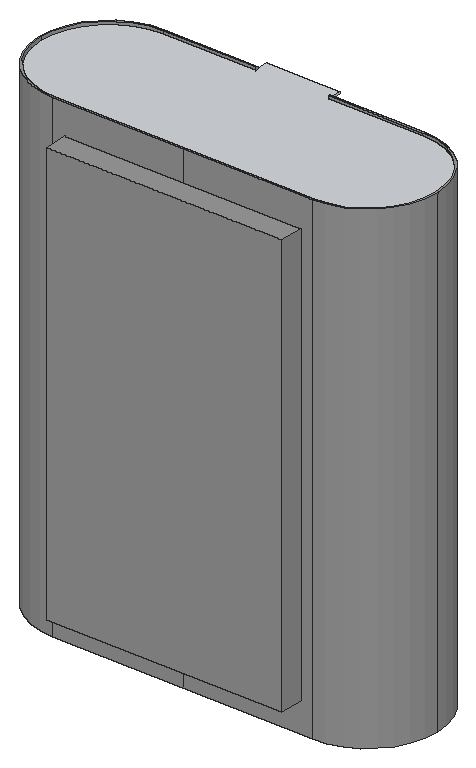
Revit family "3300 Björk_Sanitary bin", category Furniture Systems, host Wall, Revit 2017
Family settings
  Host = Wall
  Round Connector Dimension = Use Diameter
  Part Type = Normal
  Always vertical = Yes
  Cut with Voids When Loaded = No
  Shared = No
  Room Calculation Point = No
Parameters (values of type "WHITE")
  Surface Top = WHITE
  Surface Frame = WHITE
  Surface Bottom = WHITE
  Open = no
  Offset from floor = 150 mm
  Closed = yes
Reference planes
  plane 1 "Wall": y = 0
  plane 2 "Center (Left/Right)": x = 125
  plane 3 "Back": y = 75
Text (mm)
  text "Placement Side" at (-1848.837, 1116.779, 0), in view "Ref. Level"
  text "Placement side" at (0, 1409.804, 2854.306), in view "Left"
  text "Placement side" at (0, 499.811, 2980.732), in view "Right"
Dimensions and locks
  locked: plane 3 "Back" to host wall
  "Offset from floor": nested 1 to level
  aligned and locked: plane 1 "Wall" to host wall
  aligned and locked: plane 3 "Back" to nested 1
Nested families
  nested 1: "Master Björk Sanitary bin" at (125, 151.5, 150) x (-1, 0, 0) z (0, 0, 1), type "Master Björk Sanitary bin"
    with Open no
Definition of nested family "Master Björk Sanitary bin"
  Parameters (values of type "Master Björk Sanitary bin")
    Surface Top = none
    Surface Frame = none
    Surface Bottom = none
    Open = yes
    Closed = yes
  Reference planes
    plane 1 "Center (Front/Back)": y = 0
    plane 2: z = 0
    plane 3 "Center (Left/Right)": x = 0
  Dimensions and locks
    aligned and locked: level to plane 2
  Nested families
    nested 1: "Top - Bottom" at (0, 0, 0), visible <- "Closed", type "Top - Bottom"
    nested 2: "Frame" at (0, 0, 0), type "Frame"
    nested 3: "Top - Bottom Open" at (0, 0, 0), visible <- "Open", type "Top - Bottom Open"
  Definition of nested family "Top - Bottom"
    Parameters (values of type "Top - Bottom")
      Surface Frame = none
      Surface Bottom = none
    Reference planes
      plane 1 "Center (Front/Back)": y = 0
      plane 2: z = 0
      plane 3 "Center (Left/Right)": x = 0
    Forms (mm)
      Extrusion 1, solid, material <- "Surface Bottom"
        sketch origin (0, 129.723, 20) x (0, -1, 0) y (1, 0, 0)
          loop
            arc (73.723, -107.5) -> (90.125, -147.098) -> (129.723, -163.5) r 56
            arc (129.723, -163.5) -> (169.321, -147.098) -> (185.723, -107.5) r 56
            line (185.723, -107.5) -> (185.723, 107.5)
            arc (185.723, 107.5) -> (169.321, 147.098) -> (129.723, 163.5) r 56
            arc (129.723, 163.5) -> (90.125, 147.098) -> (73.723, 107.5) r 56
            line (73.723, 107.5) -> (73.723, -107.5)
        from 0 to 1.5
      Extrusion 2, solid
        sketch origin (0, 129.723, 396.5) x (0, -1, 0) y (1, 0, 0)
          loop
            arc (73.723, -107.5) -> (90.125, -147.098) -> (129.723, -163.5) r 56
            arc (129.723, -163.5) -> (169.321, -147.098) -> (185.723, -107.5) r 56
            line (185.723, -107.5) -> (185.723, -30) -> (197.223, -30) -> (197.223, 0) -> (197.223, 30) -> (185.723, 30) -> (185.723, 107.5)
            arc (185.723, 107.5) -> (169.321, 147.098) -> (129.723, 163.5) r 56
            arc (129.723, 163.5) -> (90.125, 147.098) -> (73.723, 107.5) r 56
            line (73.723, 107.5) -> (73.723, -107.5)
        from 0 to 1.5
    Lines and regions (mm)
      reference lines
        curve 1: line (0, 129.723, 396.5) -> (0, -190.277, 396.5)
        curve 2: line (0, 129.723, 20) -> (0, -150.277, 20)
    Dimensions and locks
      aligned and locked: level to plane 2
  Definition of nested family "Frame"
    Parameters (values of type "Frame")
      Surface Top = none
      Surface Frame = none
      Surface Bottom = none
    Reference planes
      plane 1 "Center (Front/Back)": y = 0
      plane 2: z = 0
      plane 3 "Center (Left/Right)": x = 0
    Forms (mm)
      Extrusion 1, solid, material <- "Surface Frame"
        sketch origin (0, 0, 0) x (1, 0, 0) y (0, 1, 0)
          loop
            line (0, 57.5) -> (-107.5, 57.5)
            arc (-107.5, 57.5) -> (-148.159, 40.659) -> (-165, 0) r 57.5
            arc (-165, 0) -> (-148.159, -40.659) -> (-107.5, -57.5) r 57.5
            line (-107.5, -57.5) -> (0, -57.5) -> (107.5, -57.5)
            arc (107.5, -57.5) -> (148.159, -40.659) -> (165, 0) r 57.5
            arc (165, 0) -> (148.159, 40.659) -> (107.5, 57.5) r 57.5
            line (107.5, 57.5) -> (0, 57.5)
          loop
            arc (-107.5, 56) -> (-147.098, 39.598) -> (-163.5, 0) r 56
            arc (-163.5, 0) -> (-147.098, -39.598) -> (-107.5, -56) r 56
            line (-107.5, -56) -> (107.5, -56)
            arc (107.5, -56) -> (147.098, -39.598) -> (163.5, 0) r 56
            arc (163.5, 0) -> (147.098, 39.598) -> (107.5, 56) r 56
            line (107.5, 56) -> (-107.5, 56)
        from 0 to 400
      Extrusion 2, solid, material <- "Surface Frame"
        sketch origin (0, 57.5, 0) x (-1, 0, 0) y (0, 0, 1)
          loop
            line (-97.5, 375) -> (-97.5, 25) -> (97.5, 25) -> (97.5, 375) -> (-97.5, 375)
        from 0 to 19
      Extrusion 3, void
        sketch origin (0, 0, 0) x (1, 0, 0) y (0, 1, 0)
          loop
            line (-30, -53.768) -> (-30, -68.768) -> (30, -68.768) -> (30, -53.768) -> (-30, -53.768)
        from 396.5 to 403.782
    Cuts and joins
      Extrusion 3 cuts Extrusion 1
    Dimensions and locks
      cut or joined group of Extrusion 1, Extrusion 3 to cut or joined group of Extrusion 1, Extrusion 3 = 3.5 mm
      aligned and locked: level to plane 2
  Definition of nested family "Top - Bottom Open"
    Parameters (values of type "Top - Bottom Open")
      Surface Frame = none
      Surface Bottom = none
    Reference planes
      plane 1 "Center (Front/Back)": y = 0
      plane 2: z = 0
      plane 3 "Center (Left/Right)": x = 0
    Forms (mm)
      Extrusion 1, solid, material <- "Surface Bottom"
        sketch origin (0, 129.723, 20) x (0, -1, 0) y (1, 0, 0)
          loop
            arc (73.723, -107.5) -> (90.125, -147.098) -> (129.723, -163.5) r 56
            arc (129.723, -163.5) -> (169.321, -147.098) -> (185.723, -107.5) r 56
            line (185.723, -107.5) -> (185.723, 107.5)
            arc (185.723, 107.5) -> (169.321, 147.098) -> (129.723, 163.5) r 56
            arc (129.723, 163.5) -> (90.125, 147.098) -> (73.723, 107.5) r 56
            line (73.723, 107.5) -> (73.723, -107.5)
        from 0 to 1.5
      Extrusion 2, solid
        sketch origin (0, 54.5, 324.277) x (0, 0, 1) y (1, 0, 0)
          loop
            arc (73.723, -107.5) -> (90.125, -147.098) -> (129.723, -163.5) r 56
            arc (129.723, -163.5) -> (169.321, -147.098) -> (185.723, -107.5) r 56
            line (185.723, -107.5) -> (185.723, -30) -> (197.223, -30) -> (197.223, 0) -> (197.223, 30) -> (185.723, 30) -> (185.723, 107.5)
            arc (185.723, 107.5) -> (169.321, 147.098) -> (129.723, 163.5) r 56
            arc (129.723, 163.5) -> (90.125, 147.098) -> (73.723, 107.5) r 56
            line (73.723, 107.5) -> (73.723, -107.5)
        from 0 to 1.5
    Lines and regions (mm)
      reference lines
        curve 1: line (0, 129.723, 396.5) -> (0, -190.277, 396.5)
        curve 2: line (0, 129.723, 20) -> (0, -150.277, 20)
    Dimensions and locks
      aligned and locked: level to plane 2
